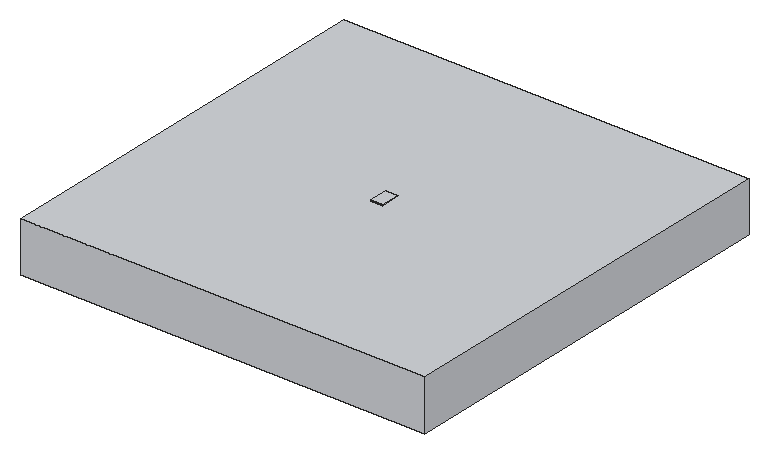
Revit family "04b35663b632435582c1834e4271f350", category Telephone Devices, host Face, Revit 2021
Family settings
  Host = Face
  Maintain Annotation Orientation = Yes
  Round Connector Dimension = Use Diameter
  Part Type = Normal
  OmniClass Number = 23.85.50.14
  OmniClass Title = Telephone and Intercommunication Equipment
  Seek Item ID = Telephone Outlet-0000-USA-ENU
  Cut with Voids When Loaded = No
  Shared = No
  Room Calculation Point = No
Parameters (values of type "Wall")
  Label = "W"
  Default Elevation = 4' - 0"
  Assembly Code = ""
Types (3): name | Label | Default Elevation
  Plain | "" | 1' - 6"
  Public | "P" | 4' - 0"
  Wall | "W" | 4' - 0"
Reference planes (in)
  plane 1 "Center (Front/Back)": y = 0
  plane 2: z = 0
  plane 3 "Center (Left/Right)": x = 0
  plane 4: x = -1.375
  plane 5: x = -0.75
  plane 6: y = 2.25
  plane 7: y = 1.5
  plane 8: x = 1.375
  plane 9: x = 0.75
  plane 10: y = -2.25
  plane 11: y = -1.5
  plane 12: z = 0.1875
  plane 13: z = -2.125
Forms (in)
  Extrusion 1, solid
    sketch origin (0, 0, 0) x (1, 0, 0) y (0, 1, 0)
      loop
        line (-48, 48) -> (-48, -48) -> (48, -48) -> (48, 48) -> (-48, 48)
    from 0 to -12
  Extrusion 2, solid
    sketch origin (0, 0, 0) x (1, 0, 0) y (0, 1, 0)
      loop
        line (-0.75, 1.5) -> (-0.75, -1.5) -> (0.75, -1.5) -> (0.75, 1.5) -> (-0.75, 1.5)
    from -2.125 to 0
  Extrusion 3, solid
    sketch origin (0, 0, 0) x (1, 0, 0) y (0, 1, 0)
      loop
        line (-1.375, 2.25) -> (-1.375, -2.25) -> (1.375, -2.25) -> (1.375, 2.25) -> (-1.375, 2.25)
    from 0 to 0.1875
Lines and regions (in)
  symbolic lines, detail levels fine
    curve 1: line (-1.375, 0, 0) -> (1.375, 0, 0)
    curve 2: line (-1.375, 0, 0.1875) -> (-1.375, 0, 0)
    curve 3: line (1.375, 0, 0.1875) -> (-1.375, 0, 0.1875)
    curve 4: line (1.375, 0, 0) -> (1.375, 0, 0.1875)
    curve 5: line (-0.75, 0, -2.125) -> (0.75, 0, -2.125)
    curve 6: line (-0.75, 0, 0) -> (-0.75, 0, -2.125)
    curve 7: line (0.75, 0, -2.125) -> (0.75, 0, 0)
Dimensions and locks (in)
  locked: plane 5 to plane 9 at 1.5
  locked: plane 4 to plane 8 at 2.75
  locked: plane 10 to plane 6 at 4.5
  locked: plane 7 to plane 11 at 3
  locked: Extrusion 1 to plane 13 at 2.125
  locked: plane 12 to Extrusion 1 at 0.1875
  aligned and locked: plane 2 to Extrusion 1
  aligned and locked: level to Extrusion 1
  aligned and locked: plane 5 to Extrusion 2 sketch curve
  aligned and locked: Extrusion 2 sketch curve to plane 7
  aligned and locked: plane 11 to Extrusion 2 sketch curve
  aligned and locked: plane 9 to Extrusion 2 sketch curve
  aligned and locked: plane 4 to Extrusion 3 sketch curve
  aligned and locked: Extrusion 3 sketch curve to plane 6
  aligned and locked: plane 10 to Extrusion 3 sketch curve
  aligned and locked: plane 8 to Extrusion 3 sketch curve
  aligned and locked: Extrusion 2 to plane 13
  aligned and locked: plane 12 to Extrusion 3
  aligned and locked: Extrusion 1 to Extrusion 2
  aligned and locked: Extrusion 3 to Extrusion 1
  aligned and locked: Extrusion 3 to plane 12
  aligned and locked: Extrusion 2 to Extrusion 1
  aligned and locked: plane 13 to Extrusion 2
  aligned and locked: plane 4 to curve 2
  aligned and locked: plane 8 to curve 4
  aligned and locked: plane 12 to curve 3
  aligned and locked: curve 1 to plane 2
  aligned and locked: plane 5 to curve 6
  aligned and locked: plane 9 to curve 7
  aligned and locked: curve 5 to plane 13
Nested families (in)
  nested 1: "Telephone Annotation" at (0, 0, 0), type "Telephone Annotation", detail levels coarse+medium
Connectors (in)
  electrical at (0, 1.5, -1.0625)
    settings: on Extrusion 2, index 1, voltage 0 V, apparent load 0 VA, apparent load phase1 0 VA, apparent load phase2 0 VA, apparent load phase3 0 VA, power factor 1, load classification "Other", number of poles 1, system type 9, power factor state 1, is connector primary yes, connector utility no, sub classification motor no, connector description ""
Definition of nested family "Telephone Annotation"
  Parameters
    L = "W"
  Reference planes (in)
    plane 1: y = 0
    plane 2: x = 0
  Lines and regions (in)
    Filled region 1, type "Solid Black"
      outline origin (0, 0, 0) x (1, 0, 0) y (0, 1, 0)
        loop
          line (0.07891, 0.125) -> (-0.07891, 0.125) -> (0, 0) -> (0.07891, 0.125)
    reference lines
      curve 1: line (-0.12493, 0.125, 0) -> (0.18977, 0.125, 0)
      curve 2: line (-0.09375, 0.16562, 0) -> (-0.09375, -0.10195, 0)
      curve 3: line (0.09375, 0.16562, 0) -> (0.09375, -0.10195, 0)
  Text (in)
    label "W" at (0.1346, -0.0335, 0), shows "L"
